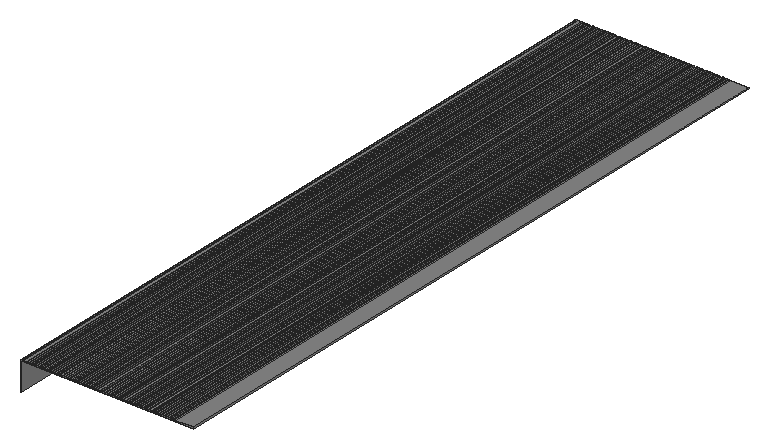
Revit family "111213010021710", category Modelos genéricos, Revit 2018
Family settings
  Puede alojar armadura = No
  Cota de conector redondo = Diámetro de uso
  Tipo de pieza = Normal
  Se basa en plano de trabajo = No
  Siempre vertical = No
  Corte con vacíos al cargar = No
  Compartido = No
  Punto de cálculo de habitación = No
Parameters (values of type "GRADA NEO PVC 300X50MM GRIS OSCURO TIRA 1.2MT")
  Ventajas = "Autoextinguible"
  Uso = "Fabricado en PVC, ideal para zonas de medio y alto trafico, con estrías\r\nantideslizantes. Ideal para: Edificios Públicos y Privados, Colegios, Universidades, Centros\r\ncomerciales, Aeropuertos, Hoteles, Edificios Habitacionales, entre otros."
  Unidad = "Tiras de 1.20 Mts y 3.00 Mts."
  URL = "https://www.empresascnp.cl/"
  Num SKUs = "111213010021710"
  Nombre SKU = "GRADA NEO PVC 300X50MM GRIS OSCURO TIRA 1.2MT"
  Modelo = "GRADA NEO PVC 300X50MM"
  Material = PVC flexible gris oscuro
  Url Ficha tecnica = "https://empresascnp.cl/wp-content/uploads//pdf/ficha-tecnica-grada-neo-pvc-300x50mm-gris-oscuro-tira-3mt.pdf"
  Largo = 1200.00 mm
  Espesor = 2.00 mm
  Empresa = "CNP SPA."
  Dureza = "80 shore A"
  Dimension = 300.00 mm
  Descripción = "Grada Neo 300x50 MM."
  Contacto = "info@empresascnp.cl"
  Color = "Gris oscuro"
  Aplicacion = "Escaleras"
  Alto = 50.00 mm
Reference planes
  plane 1 "Center F/B": y = 0
  plane 2: z = 0
  plane 3 "Center L/R": x = 0
  plane 4: z = -50
  plane 5 "2": y = 600
  plane 6 "3": y = -600
  plane 7: x = 300
  plane 8: z = -2
  plane 9 "4": x = 2
Forms (mm)
  Extrusion 1, solid, material "PVC flexible gris oscuro" <- "Material"
    sketch origin (0, 0, 0) x (1, 0, 0) y (0, 0, 1)
      loop
        line (300, 0) -> (270, 0) -> (270, -0.79) -> (266, -0.79) -> (266, 0) -> (264, 0) -> (264, -0.79) -> (263, -0.79) -> (263, 0) -> (261, 0) -> (261, -0.79) -> (260, -0.79) -> (260, 0) -> (258, 0) -> (258, -0.79) -> (257, -0.79) -> (257, 0) -> (255, 0) -> (255, -0.79) -> (251, -0.79) -> (251, 0) -> (249, 0) -> (249, -0.79) -> (248, -0.79) -> (248, 0) -> (246, 0) -> (246, -0.79) -> (245, -0.79) -> (245, 0) -> (243, 0) -> (243, -0.79) -> (242, -0.79) -> (242, 0) -> (240, 0) -> (240, -0.79) -> (236, -0.79) -> (236, 0) -> (234, 0) -> (234, -0.79) -> (233, -0.79) -> (233, 0) -> (231, 0) -> (231, -0.79) -> (230, -0.79) -> (230, 0) -> (228, 0) -> (228, -0.79) -> (227, -0.79) -> (227, 0) -> (225, 0) -> (225, -0.79) -> (221, -0.79) -> (221, 0) -> (219, 0) -> (219, -0.79) -> (218, -0.79) -> (218, 0) -> (216, 0) -> (216, -0.79) -> (215, -0.79) -> (215, 0) -> (213, 0) -> (213, -0.79) -> (212, -0.79) -> (212, 0) -> (210, 0) -> (210, -0.79) -> (206, -0.79) -> (206, 0) -> (204, 0) -> (204, -0.79) -> (203, -0.79) -> (203, 0) -> (201, 0) -> (201, -0.79) -> (200, -0.79) -> (200, 0) -> (198, 0) -> (198, -0.79) -> (197, -0.79) -> (197, 0) -> (195, 0) -> (195, -0.79) -> (191, -0.79) -> (191, 0) -> (189, 0) -> (189, -0.79) -> (188, -0.79) -> (188, 0) -> (186, 0) -> (186, -0.79) -> (185, -0.79) -> (185, 0) -> (183, 0) -> (183, -0.79) -> (182, -0.79) -> (182, 0) -> (180, 0) -> (180, -0.79) -> (176, -0.79) -> (176, 0) -> (174, 0) -> (174, -0.79) -> (173, -0.79) -> (173, 0) -> (171, 0) -> (171, -0.79) -> (170, -0.79) -> (170, 0) -> (168, 0) -> (168, -0.79) -> (167, -0.79) -> (167, 0) -> (165, 0) -> (165, -0.79) -> (161, -0.79) -> (161, 0) -> (159, 0) -> (159, -0.79) -> (158, -0.79) -> (158, 0) -> (156, 0) -> (156, -0.79) -> (155, -0.79) -> (155, 0) -> (153, 0) -> (153, -0.79) -> (152, -0.79) -> (152, 0) -> (150, 0) -> (150, -0.79) -> (146, -0.79) -> (146, 0) -> (144, 0) -> (144, -0.79) -> (143, -0.79) -> (143, 0) -> (141, 0) -> (141, -0.79) -> (140, -0.79) -> (140, 0) -> (138, 0) -> (138, -0.79) -> (137, -0.79) -> (137, 0) -> (135, 0) -> (135, -0.79) -> (131, -0.79) -> (131, 0) -> (129, 0) -> (129, -0.79) -> (128, -0.79) -> (128, 0) -> (126, 0) -> (126, -0.79) -> (125, -0.79) -> (125, 0) -> (123, 0) -> (123, -0.79) -> (122, -0.79) -> (122, 0) -> (120, 0) -> (120, -0.79) -> (116, -0.79) -> (116, 0) -> (114, 0) -> (114, -0.79) -> (113, -0.79) -> (113, 0) -> (111, 0) -> (111, -0.79) -> (110, -0.79) -> (110, 0) -> (108, 0) -> (108, -0.79) -> (107, -0.79) -> (107, 0) -> (105, 0) -> (105, -0.79) -> (101, -0.79) -> (101, 0) -> (99, 0) -> (99, -0.79) -> (98, -0.79) -> (98, 0) -> (96, 0) -> (96, -0.79) -> (95, -0.79) -> (95, 0) -> (93, 0) -> (93, -0.79) -> (92, -0.79) -> (92, 0) -> (90, 0) -> (90, -0.79) -> (86, -0.79) -> (86, 0) -> (84, 0) -> (84, -0.79) -> (83, -0.79) -> (83, 0) -> (81, 0) -> (81, -0.79) -> (80, -0.79) -> (80, 0) -> (78, 0) -> (78, -0.79) -> (77, -0.79) -> (77, 0) -> (75, 0) -> (75, -0.79) -> (71, -0.79) -> (71, 0) -> (69, 0) -> (69, -0.79) -> (68, -0.79) -> (68, 0) -> (66, 0) -> (66, -0.79) -> (65, -0.79) -> (65, 0) -> (63, 0) -> (63, -0.79) -> (62, -0.79) -> (62, 0) -> (60, 0) -> (60, -0.79) -> (56, -0.79) -> (56, 0) -> (54, 0) -> (54, -0.79) -> (53, -0.79) -> (53, 0) -> (51, 0) -> (51, -0.79) -> (50, -0.79) -> (50, 0) -> (48, 0) -> (48, -0.79) -> (47, -0.79) -> (47, 0) -> (45, 0) -> (45, -0.79) -> (41, -0.79) -> (41, 0) -> (39, 0) -> (39, -0.79) -> (38, -0.79) -> (38, 0) -> (36, 0) -> (36, -0.79) -> (35, -0.79) -> (35, 0) -> (33, 0) -> (33, -0.79) -> (32, -0.79) -> (32, 0) -> (30, 0) -> (30, -0.79) -> (26, -0.79) -> (26, 0) -> (24, 0) -> (24, -0.79) -> (23, -0.79) -> (23, 0) -> (21, 0) -> (21, -0.79) -> (20, -0.79) -> (20, 0) -> (18, 0) -> (18, -0.79) -> (17, -0.79) -> (17, 0) -> (15, 0) -> (15, -0.79) -> (11, -0.79) -> (11, 0) -> (3, 0)
        arc (3, 0) -> (0.879, -0.879) -> (0, -3) r 3
        line (0, -3) -> (0, -50) -> (2, -50) -> (2, -3)
        arc (2, -3) -> (2.293, -2.293) -> (3, -2) r 1
        line (3, -2) -> (300, -2) -> (300, 0)
    from -600 to 600
Dimensions and locks
  "Alto": level to plane 4
  equal spacing: plane 6 "3", plane 1 "Center F/B", plane 5 "2"
  "Largo": plane 6 "3" to plane 5 "2"
  "Dimension": plane 7 to plane 3 "Center L/R"
  "Espesor": plane 2 to Extrusion 1 sketch curve
  "Espesor": Extrusion 1 sketch curve to plane 3 "Center L/R"
  aligned and locked: plane 6 "3" to Extrusion 1
  aligned and locked: Extrusion 1 to plane 5 "2"
  aligned and locked: Extrusion 1 sketch curve to plane 3 "Center L/R"
  aligned and locked: plane 2 to Extrusion 1 sketch curve
  aligned and locked: Extrusion 1 sketch curve to plane 7
  aligned and locked: plane 4 to Extrusion 1 sketch curve
Automatic sketch dimensions
  Extrusion 1 sketch curve to Extrusion 1 sketch curve = 0.00 mm  (x2)
  Extrusion 1 sketch curve to level = 0.00 mm  (x68)
  plane 9 "4" to Extrusion 1 sketch curve = 1.00 mm
  Extrusion 1 sketch curve to level = 0.79 mm  (x69)
  Extrusion 1 sketch curve to Extrusion 1 sketch curve = 8.00 mm
  Extrusion 1 sketch curve to Extrusion 1 sketch curve = 4.00 mm  (x18)
  Extrusion 1 sketch curve to Extrusion 1 sketch curve = 2.00 mm  (x68)
  Extrusion 1 sketch curve to Extrusion 1 sketch curve = 1.00 mm  (x51)
